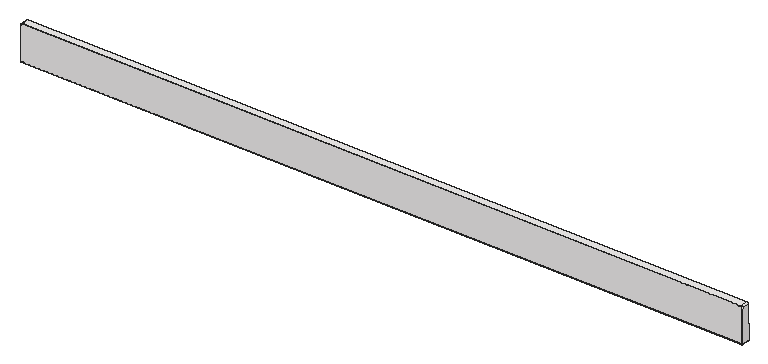
Revit family "Accessory-Back_Splash -KOHLER-Quartz-K-36572-1", category Specialty Equipment, host Face, Revit 2021
Family settings
  Host = Face
  Round Connector Dimension = Use Diameter
  Part Type = Normal
  OmniClass Number = 23.21.19.15
  OmniClass Title = Specialty Casework
  Cut with Voids When Loaded = No
  Shared = No
  Room Calculation Point = No
Parameters (values of type "MMW-Miami White")
  Width = 0.7874"  # constant formula
  WaterSense Certified = 1 = 0  # no
  URL = "https://www.us.kohler.com/us/"
  Type = 1
  Product Page URL = "http://www.us.kohler.com/us/catalog/productDetails.jsp?productNumber=36572"
  Product Name = "Quartz\r\n"  # constant formula
  Product Documentation Link = "https://www.us.kohler.com/webassets/kpna/catalog/pdf/en/K-36572_spec_US-CA_Kohler_en.pdf"
  Model = if(Type = 1, "K-36572-MMW", if(Type = 2, "K-36572-EST", "NA"))  # "K-36572-MMW"
  Material = "Quartz"  # constant formula
  Master Format 2014 Name = "Toilet, Bath, and Laundry Accessories"  # constant formula
  Master Format 2014 = "10 28 00"  # constant formula
  Manufacturer Address = "444 Highland Dr, Kohler, WI 53044"  # constant formula
  Manufacturer = "Kohler Co."  # constant formula
  Length = 73.12598"  # constant formula
  Height = 3 1/2"  # constant formula
  Finish = KOHLER-Quartz-MMW-Miami_White
  Environmental Product Declaration = ""
  Description = "73 BACKSPLASH (73 CM x 35 CM x 2 CM)"  # constant formula
  Default Elevation = 42"
  Declare Label = ""
  Date Modified = "07/16/2024"  # constant formula
  Date Created = "07/16/2024"  # constant formula
  Copyright = "Copyright Kohler Co."  # constant formula
  Contact Us = "https://www.us.kohler.com/us/static/contact.jsp"
  Assembly Code = "C1030200"
  ADA Compliant = 1 = 0  # no
Reference planes (in)
  plane 1 "Center (Front/Back)": y = 0
  plane 2: z = 0
  plane 3 "Center (Left/Right)": x = 0
  plane 4: x = -36.56299
  plane 5: x = 36.56299
  plane 6: y = 0.39494
  plane 7: y = -0.39246
  plane 8: z = 3.5
Dimensions and locks (in)
  "Height": plane 8 to level
  plane 4 to plane 5 = 73.12598"
  plane 6 to plane 7 = 0.7874"
  level to plane 8 = 3 1/2"
  "Width": plane 6 to plane 7
  "Length": plane 4 to plane 5
  aligned and locked: plane 2 to host face
  aligned and locked: level to host face
  aligned and locked: nested 1 to plane 1 "Center (Front/Back)"
  aligned and locked: plane 3 "Center (Left/Right)" to nested 1
Automatic sketch dimensions
  host sketch curve to host sketch curve = 96"  (x2)
Nested families (in)
  nested 1: "K-36572" at (0, -0.39246, 0), type "K-36572"
Definition of nested family "K-36572"
  Parameters (values of type "K-36572")
    Material = none
    Default Elevation = 48"
  Reference planes (in)
    plane 1 "Center (Front/Back)": y = 0
    plane 2: z = 0
    plane 3 "Center (Left/Right)": x = 0
    plane 4: y = 0.7874
    plane 5: x = -36.56299
    plane 6: x = 36.56299
    plane 7: z = 3.5
    plane 8: z = 0
    plane 9: y = 0.39246
  Forms (in)
    Extrusion 1, solid, material <- "Material", detail levels medium+fine
      sketch origin (0, 0, 0) x (1, 0, 0) y (0, 0, 1)
        loop
          line (36.5625, 0.03517) -> (36.5625, 3.30315)
          arc (36.5625, 3.30315) -> (36.50484, 3.44234) -> (36.36565, 3.5) r 0.19685
          line (36.36565, 3.5) -> (-36.36565, 3.5)
          arc (-36.36565, 3.5) -> (-36.50484, 3.44234) -> (-36.5625, 3.30315) r 0.19685
          line (-36.5625, 3.30315) -> (-36.5625, 0.0394) -> (-36.5231, 0) -> (36.52733, 0) -> (36.5625, 0.03517)
      from -0.7874 to 0
    Sweep 2, void
      path origin (0, 0, 0) x (1, 0, 0) y (0, 0, 1)
        loop
          line (36.36565, 3.5) -> (-36.36565, 3.5)
          arc (-36.36565, 3.5) -> (-36.50484, 3.44234) -> (-36.5625, 3.30315) r 0.19685
          line (-36.5625, 3.30315) -> (-36.5625, 0.0394) -> (-36.5231, 0) -> (36.52733, 0) -> (36.5625, 0.03517) -> (36.5625, 3.30315)
          arc (36.5625, 3.30315) -> (36.50484, 3.44234) -> (36.36565, 3.5) r 0.19685
      profile origin (0, 0, 3.5) x (0, 0, 1) y (0, -1, 0)
        loop
          line (0, -0.748) -> (-0.0394, -0.7874) -> (0, -0.7874) -> (0, -0.748)
    Sweep 3, void
      path origin (0, 0, 0) x (1, 0, 0) y (0, 0, 1)
        loop
          line (36.5625, -0.24295) -> (36.5625, 3.30315)
          arc (36.5625, 3.30315) -> (36.50484, 3.44234) -> (36.36565, 3.5) r 0.19685
          line (36.36565, 3.5) -> (-36.36565, 3.5)
          arc (-36.36565, 3.5) -> (-36.50484, 3.44234) -> (-36.5625, 3.30315) r 0.19685
          line (-36.5625, 3.30315) -> (-36.5625, -0.24295)
      profile origin (0, 0, 3.5) x (0, 0, -1) y (0, -1, 0)
        loop
          line (0.03691, 0) -> (0, 0) -> (0, -0.03691)
          arc (0, -0.03691) -> (0.01081, -0.01081) -> (0.03691, 0) r 0.03691
    Extrusion 4, void
      sketch origin (0, 0, 0) x (0, 1, 0) y (0, 0, 1)
        loop
          line (0, 0) -> (0.03843, 0) -> (0, 0.0394) -> (0, 0)
      from -38.45962 to 38.08112
    Extrusion 5, solid, material <- "Material", detail levels coarse
      sketch origin (0, 0, 0) x (1, 0, 0) y (0, 0, 1)
        loop
          line (36.5625, 3.5) -> (-36.5625, 3.5) -> (-36.5625, 0) -> (36.5625, 0) -> (36.5625, 3.5)
      from -0.7874 to 0
  Cuts and joins
    Sweep 2, Sweep 3, Extrusion 4 cuts Extrusion 1
  Lines and regions (in)
    Masking region 1
      outline origin (0, 0, 0) x (1, 0, 0) y (0, 1, 0)
        loop
          line (36.5231, 0.7874) -> (-36.5231, 0.7874) -> (-36.56299, 0.74751) -> (-36.56299, 0.03691)
          arc (-36.56299, 0.03691) -> (-36.55218, 0.01081) -> (-36.52608, 0) r 0.03691
          line (-36.52608, 0) -> (36.52608, 0)
          arc (36.52608, 0) -> (36.55218, 0.01081) -> (36.56299, 0.03691) r 0.03691
          line (36.56299, 0.03691) -> (36.56299, 0.74751) -> (36.5231, 0.7874)
    Masking region 2
      outline origin (0, 0, 0) x (1, 0, 0) y (0, 0, 1)
        loop
          line (36.36614, 3.5) -> (-36.36614, 3.5)
          arc (-36.36614, 3.5) -> (-36.50534, 3.44234) -> (-36.56299, 3.30315) r 0.19685
          line (-36.56299, 3.30315) -> (-36.56299, 0.03989) -> (-36.5231, 0) -> (36.52733, 0) -> (36.56299, 0.03566) -> (36.56299, 3.30315)
          arc (36.56299, 3.30315) -> (36.50534, 3.44234) -> (36.36614, 3.5) r 0.19685
    Masking region 3
      outline origin (0, 0, 0) x (0, 1, 0) y (0, 0, 1)
        loop
          line (0.7874, 0.0394) -> (0.7874, 3.4606) -> (0.748, 3.5) -> (0.03937, 3.5)
          arc (0.03937, 3.5) -> (0.01153, 3.48847) -> (0, 3.46063) r 0.03937
          line (0, 3.46063) -> (0, 0.0394) -> (0.0394, 0) -> (0.748, 0) -> (0.7874, 0.0394)
    symbolic lines, detail levels medium+fine
      curve 1: line (-36.5231, 0.748, 0) -> (-36.5231, 0.03691, 0)
      curve 2: line (-36.5231, 0.748, 0) -> (36.5231, 0.748, 0)
      curve 3: line (36.5231, 0.748, 0) -> (36.5231, 0.03691, 0)
      curve 4: line (36.5231, 0.03691, 0) -> (-36.5231, 0.03691, 0)
      curve 5: line (36.36565, 0, 3.5) -> (36.36565, 0, 0)
      curve 6: line (36.5625, 0, 3.30315) -> (-36.5625, 0, 3.30315)
      curve 7: line (-36.36565, 0, 3.5) -> (-36.36565, 0, 0)
      curve 8: line (-36.56255, 0, 0.03945) -> (36.5625, 0, 0.03945)
      curve 9: line (0, 0.748, 3.5) -> (0, 0.748, 0)
      curve 10: line (0, 0.748, 0) -> (0, 0.78757, 0.03957)
      curve 11: line (0, 0.78757, 0.03957) -> (0, 0.00001, 0.03957)
      curve 12: line (0, 0.00001, 0.03957) -> (0, 0.02402, 0.01556)
      curve 13: line (0, 0.02402, 0.01556) -> (0, 0.02402, 3.49688)
      curve 14: line (0, 0, 3.46063) -> (0, 0.7874, 3.46063)
  Dimensions and locks (in)
    aligned and locked: plane 2 to level
    aligned and locked: Sweep 3 sketch curve to profile plane  (x2)
    aligned and locked: plane 6 to Masking region 1 sketch curve
    aligned and locked: Masking region 1 sketch curve to plane 5
